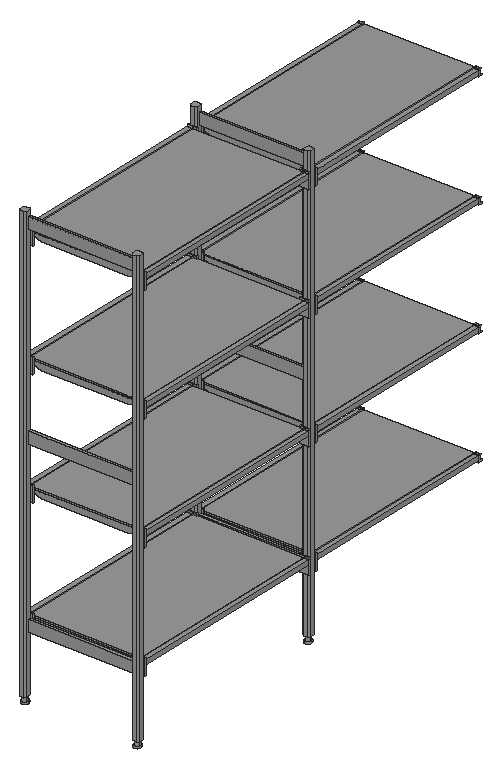
Revit family "QF_ELECTROLUXPROFESSIONAL_137080_CLS1664", category Attrezzature speciali, Revit 2020 (continued)
Definition of nested family "WT_Aggancio475"
  Dimensions and locks
    plane 9 "FEET" to level = 25.0 mm
    plane 5 "TOP" to plane 9 "FEET" = 1700.0 mm
    plane 10 to plane 9 "FEET" = 250.0 mm
    plane 11 to plane 10 = 450.0 mm
    plane 12 to plane 11 = 450.0 mm
    plane 13 to plane 12 = 450.0 mm
    locked: plane 3 "BACK" to plane 15 "CYBack" at 17.5
    locked: plane 16 "CYFront" to plane 4 "FRONT" at 17.5
    aligned and locked: level to plane 1
    aligned and locked: Extrusion 1 sketch curve to Extrusion 1 sketch curve  (x3)
  Automatic sketch dimensions
    plane 16 "CYFront" to Extrusion 1 sketch curve = 1.478 mm  (x4)
    Extrusion 1 sketch curve to Extrusion 1 sketch curve = 2.0 mm
    plane 8 to Extrusion 1 sketch curve = 3.478 mm  (x4)
    Extrusion 1 sketch curve to plane 10 = 4.006 mm
    Extrusion 1 sketch curve to Extrusion 1 sketch curve = 34.0 mm  (x4)
    Extrusion 1 sketch curve to plane 11 = 4.006 mm
    Extrusion 1 sketch curve to plane 12 = 4.006 mm
    Extrusion 1 sketch curve to plane 13 = 4.006 mm
    Extrusion 1 sketch curve to plane 7 = 37.522 mm  (x4)
    Extrusion 1 sketch curve to plane 7 = 3.522 mm  (x4)
    plane 14 to Extrusion 1 sketch curve = 3.516 mm  (x4)
    plane 14 to Extrusion 1 sketch curve = 1.522 mm  (x4)
    plane 10 to Extrusion 1 sketch curve = 7.998 mm  (x2)
    Extrusion 1 sketch curve to Extrusion 1 sketch curve = 11.498 mm  (x4)
    Extrusion 1 sketch curve to Extrusion 1 sketch curve = 6.499 mm  (x8)
    plane 11 to Extrusion 1 sketch curve = 7.998 mm  (x2)
    plane 12 to Extrusion 1 sketch curve = 7.998 mm  (x2)
    plane 13 to Extrusion 1 sketch curve = 7.998 mm  (x2)
    plane 2 "LEFT" to Extrusion 2 sketch curve = 0.0 mm  (x4)
    plane 13 to Extrusion 2 sketch curve = 7.996 mm
    plane 11 to Extrusion 2 sketch curve = 7.996 mm
    Extrusion 2 sketch curve to Extrusion 2 sketch curve = 5.0 mm  (x4)
    plane 11 to Extrusion 2 sketch curve = 2.494 mm
    plane 10 to Extrusion 2 sketch curve = 28.996 mm
    Extrusion 2 sketch curve to Extrusion 2 sketch curve = 3.0 mm  (x4)
    plane 10 to Extrusion 2 sketch curve = 7.996 mm
    plane 10 to Extrusion 2 sketch curve = 2.494 mm
    Extrusion 2 sketch curve to Extrusion 2 sketch curve = 18.0 mm  (x3)
    plane 12 to Extrusion 2 sketch curve = 2.494 mm
    plane 12 to Extrusion 2 sketch curve = 7.996 mm
    plane 13 to Extrusion 2 sketch curve = 2.494 mm
    plane 2 "LEFT" to Extrusion 3 sketch curve = 0.0 mm  (x4)
    plane 13 to Extrusion 3 sketch curve = 7.996 mm
    plane 11 to Extrusion 3 sketch curve = 7.996 mm
    Extrusion 3 sketch curve to Extrusion 3 sketch curve = 5.0 mm  (x4)
    plane 11 to Extrusion 3 sketch curve = 2.494 mm
    plane 10 to Extrusion 3 sketch curve = 28.996 mm
    Extrusion 3 sketch curve to Extrusion 3 sketch curve = 3.0 mm  (x4)
    plane 10 to Extrusion 3 sketch curve = 7.996 mm
    plane 10 to Extrusion 3 sketch curve = 2.494 mm
    Extrusion 3 sketch curve to Extrusion 3 sketch curve = 18.0 mm  (x3)
    plane 12 to Extrusion 3 sketch curve = 2.494 mm
    plane 12 to Extrusion 3 sketch curve = 7.996 mm
    plane 13 to Extrusion 3 sketch curve = 2.494 mm
    plane 2 "LEFT" to curve 1 = 5.0 mm
    plane 2 "LEFT" to curve 7 = 5.0 mm
    curve 1 to plane 16 "CYFront" = 17.5 mm
    curve 3 to plane 8 = 12.522 mm
    plane 7 to curve 5 = 12.478 mm
    curve 7 to plane 14 = 17.5 mm
    curve 5 to curve 5 = 4.0 mm
    curve 1 to curve 4 = 4.0 mm
    Extrusion 2 sketch curve to Extrusion 2 sketch curve = 4.0 mm  (x4)
    Extrusion 2 sketch curve to Extrusion 2 sketch curve = 8.969 mm  (x4)
    Extrusion 3 sketch curve to Extrusion 3 sketch curve = 4.0 mm  (x4)
    Extrusion 3 sketch curve to Extrusion 3 sketch curve = 8.969 mm  (x4)
